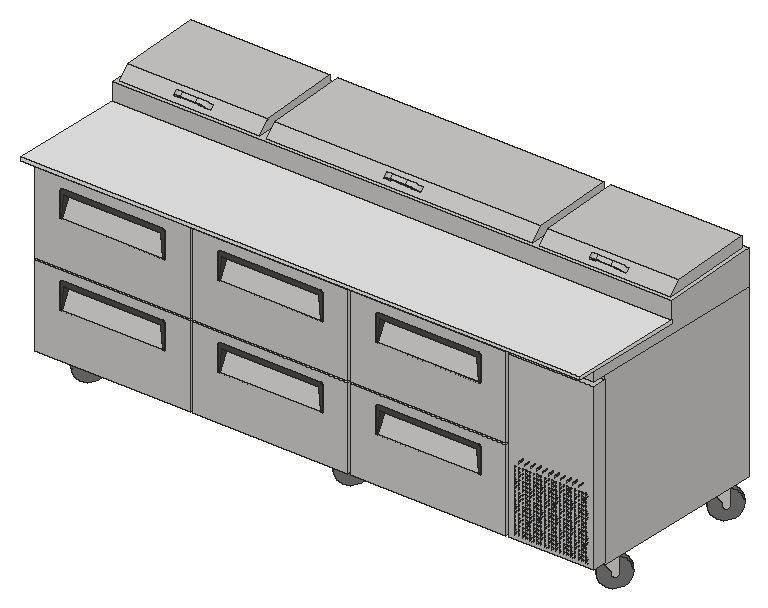
Revit family "QF_Turbo Air_TPR-93SD-D6", category Specialty Equipment, Revit 2012 (continued)
Forms (in)
  Extrusion 17, solid, material "QF_Finishes_Clearances", detail levels coarse
    sketch origin (-20.10094, 0, 0) x (0, 1, 0) y (0, 0, 1)
      loop
        line (-0.43665, 40.16021) -> (0.94312, 41.18404) -> (-6.89696, 51.74983) -> (-9.30056, 52.10578)
        arc (-9.30056, 52.10578) -> (-13.94213, 46.43603) -> (-15.28268, 39.23233) r 14.75
        line (-15.28268, 39.23233) -> (-13.67506, 41.0543) -> (-0.54382, 41.875) -> (-0.43665, 40.16021)
    from 0 to 23.3125
  Extrusion 18, solid, material "QF_Finishes_Stainless Steel"
    sketch origin (4.39906, 0, 0) x (0, 1, 0) y (0, 0, 1)
      loop
        line (-0.43665, 40.16021) -> (-0.54382, 41.875) -> (-13.67506, 41.0543) -> (-15.28268, 39.23233) -> (-0.43665, 40.16021)
    from 0 to 44.4375
  Extrusion 19, solid, material "QF_Finishes_Stainless Steel"
    sketch origin (35.0625, 15.62211, 13.58363) x (1, 0, 0) y (0, -0.749838, 0.661622)
      loop
        line (-6.44469, 40.14331) -> (-5.44469, 40.14331)
        arc (-5.44469, 40.14331) -> (-6.1194, 41.04872) -> (-7.19469, 41.39331) r 1.85
        line (-7.19469, 41.39331) -> (-9.69469, 41.39331)
        arc (-9.69469, 41.39331) -> (-10.76998, 41.04872) -> (-11.44469, 40.14331) r 1.85
        line (-11.44469, 40.14331) -> (-10.44469, 40.14331) -> (-10.44469, 40.64331)
        arc (-10.44469, 40.64331) -> (-10.29824, 40.99687) -> (-9.94469, 41.14331) r 0.5
        line (-9.94469, 41.14331) -> (-6.94469, 41.14331)
        arc (-6.94469, 41.14331) -> (-6.59114, 40.99687) -> (-6.44469, 40.64331) r 0.5
        line (-6.44469, 40.64331) -> (-6.44469, 40.14331)
    from -0.375 to 0.375
  Extrusion 20, solid, material "QF_Finishes_Clearances", detail levels coarse
    sketch origin (-0.96875, -13.97942, 12.21756) x (1, 0, 0) y (0, 0.146492, 0.989212)
      loop
        line (29.58656, 40.14331) -> (30.58656, 40.14331)
        arc (30.58656, 40.14331) -> (29.91185, 41.04872) -> (28.83656, 41.39331) r 1.85
        line (28.83656, 41.39331) -> (26.33656, 41.39331)
        arc (26.33656, 41.39331) -> (25.26127, 41.04872) -> (24.58656, 40.14331) r 1.85
        line (24.58656, 40.14331) -> (25.58656, 40.14331) -> (25.58656, 40.64331)
        arc (25.58656, 40.64331) -> (25.73301, 40.99687) -> (26.08656, 41.14331) r 0.5
        line (26.08656, 41.14331) -> (29.08656, 41.14331)
        arc (29.08656, 41.14331) -> (29.44011, 40.99687) -> (29.58656, 40.64331) r 0.5
        line (29.58656, 40.64331) -> (29.58656, 40.14331)
    from -0.375 to 0.375
  Extrusion 21, solid, material "QF_Finishes_Clearances", detail levels coarse
    sketch origin (4.39906, 0, 0) x (0, 1, 0) y (0, 0, 1)
      loop
        line (-0.43665, 40.16021) -> (0.94312, 41.18404) -> (-6.89696, 51.74983) -> (-9.30056, 52.10578)
        arc (-9.30056, 52.10578) -> (-13.94213, 46.43603) -> (-15.28268, 39.23233) r 14.75
        line (-15.28268, 39.23233) -> (-13.67506, 41.0543) -> (-0.54382, 41.875) -> (-0.43665, 40.16021)
    from 0 to 44.4375
  Extrusion 22, solid, material "QF_Finishes_Black"
    sketch origin (0, -29.875, 0) x (1, 0, 0) y (0, 0, 1)
      loop
        line (6.58656, 32.5625) -> (6.58656, 7.125) -> (30.58656, 7.125) -> (30.58656, 32.5625) -> (6.58656, 32.5625)
    from 0 to 0.5625
Lines and regions (in)
  symbolic lines
    curve 1: line (-20.78844, 0, 0) -> (72.58656, 0, 0)
    curve 2: line (-20.78844, -35.25, 0) -> (-20.78844, 0, 0)
    curve 3: line (72.58656, -35.25, 0) -> (-20.78844, -35.25, 0)
    curve 4: line (72.58656, 0, 0) -> (72.58656, -35.25, 0)
    curve 5: line (-20.78844, -16, 0) -> (72.58656, -16, 0)
    curve 6: line (-20.10094, -0.43665, 0) -> (3.21156, -0.43665, 0)
    curve 7: line (-20.10094, -0.43665, 0) -> (-20.10094, -15.28268, 0)
    curve 8: line (3.21156, -15.28268, 0) -> (-5.92034, -15.28268, 0)
    curve 9: line (3.21156, -15.28268, 0) -> (3.21156, -0.43665, 0)
    curve 10: line (-7.19469, -15.66428, 0) -> (-9.69469, -15.66428, 0)
    curve 11: line (-9.69469, -15.16806, 0) -> (-7.19469, -15.16806, 0)
    curve 12: spline (-9.69469, -15.66428, 0) -> (-9.88559, -15.65687, 0) -> (-10.07446, -15.63473, 0) -> (-10.25927, -15.5981, 0) -> (-10.43805, -15.54736, 0) -> (-10.6089, -15.48306, 0) -> (-10.76998, -15.40589, 0) -> (-10.91958, -15.31666, 0) -> (-11.05611, -15.21633, 0) -> (-11.1781, -15.10598, 0) -> (-11.28425, -14.98677, 0) -> (-11.37343, -14.85999, 0) -> (-11.44469, -14.72698, 0)
    curve 13: spline (-11.44469, -14.23076, 0) -> (-11.37343, -14.36377, 0) -> (-11.28425, -14.49055, 0) -> (-11.1781, -14.60976, 0) -> (-11.05611, -14.72012, 0) -> (-10.91958, -14.82044, 0) -> (-10.76998, -14.90967, 0) -> (-10.6089, -14.98685, 0) -> (-10.43805, -15.05115, 0) -> (-10.25927, -15.10189, 0) -> (-10.07446, -15.13852, 0) -> (-9.88559, -15.16066, 0) -> (-9.69469, -15.16806, 0)
    curve 14: line (-10.44469, -14.23076, 0) -> (-11.44469, -14.23076, 0)
    curve 15: line (-11.44469, -14.23076, 0) -> (-11.44469, -14.72698, 0)
    curve 16: line (-10.44469, -14.60568, 0) -> (-10.44469, -14.23076, 0)
    curve 17: line (-6.94469, -14.9806, 0) -> (-9.94469, -14.9806, 0)
    curve 18: spline (-9.94469, -14.9806, 0) -> (-10.00995, -14.97739, 0) -> (-10.0741, -14.96783, 0) -> (-10.13603, -14.95206, 0) -> (-10.19469, -14.93037, 0) -> (-10.24907, -14.90313, 0) -> (-10.29824, -14.87079, 0) -> (-10.34137, -14.83392, 0) -> (-10.3777, -14.79314, 0) -> (-10.40663, -14.74916, 0) -> (-10.42765, -14.70272, 0) -> (-10.44041, -14.65462, 0) -> (-10.44469, -14.60568, 0)
    curve 19: line (-5.44469, -14.23076, 0) -> (-6.44469, -14.23076, 0)
    curve 20: line (-5.44469, -14.72698, 0) -> (-5.44469, -14.23076, 0)
    curve 21: line (-6.44469, -14.23076, 0) -> (-6.44469, -14.60568, 0)
    curve 22: spline (-6.44469, -14.60568, 0) -> (-6.44897, -14.65462, 0) -> (-6.46173, -14.70272, 0) -> (-6.48275, -14.74916, 0) -> (-6.51168, -14.79314, 0) -> (-6.54801, -14.83392, 0) -> (-6.59114, -14.87079, 0) -> (-6.64031, -14.90313, 0) -> (-6.69469, -14.93037, 0) -> (-6.75335, -14.95206, 0) -> (-6.81528, -14.96783, 0) -> (-6.87943, -14.97739, 0) -> (-6.94469, -14.9806, 0)
    curve 23: spline (-7.19469, -15.16806, 0) -> (-7.00379, -15.16066, 0) -> (-6.81492, -15.13852, 0) -> (-6.63011, -15.10189, 0) -> (-6.45133, -15.05115, 0) -> (-6.28048, -14.98685, 0) -> (-6.1194, -14.90967, 0) -> (-5.9698, -14.82044, 0) -> (-5.83327, -14.72012, 0) -> (-5.71128, -14.60976, 0) -> (-5.60513, -14.49055, 0) -> (-5.51595, -14.36377, 0) -> (-5.44469, -14.23076, 0)
    curve 24: spline (-5.44469, -14.72698, 0) -> (-5.51595, -14.85999, 0) -> (-5.60513, -14.98677, 0) -> (-5.71128, -15.10598, 0) -> (-5.83327, -15.21633, 0) -> (-5.9698, -15.31666, 0) -> (-6.1194, -15.40589, 0) -> (-6.28048, -15.48306, 0) -> (-6.45133, -15.54736, 0) -> (-6.63011, -15.5981, 0) -> (-6.81492, -15.63473, 0) -> (-7.00379, -15.65687, 0) -> (-7.19469, -15.66428, 0)
    curve 25: line (-10.96904, -15.28268, 0) -> (-20.10094, -15.28268, 0)
    curve 26: line (-15.28844, 1, 0) -> (-14.03844, 1, 0)
    curve 27: line (65.83656, 1, 0) -> (67.08656, 1, 0)
    curve 28: line (67.08656, 1, 0) -> (67.08656, 0, 0)
    curve 29: line (65.83656, 1, 0) -> (65.83656, 0, 0)
    curve 30: line (-14.03844, 1, 0) -> (-14.03844, 0, 0)
    curve 31: line (-15.28844, 1, 0) -> (-15.28844, 0, 0)
    curve 48: line (62.21156, -15.66428, 0) -> (59.71156, -15.66428, 0)
    curve 49: line (59.71156, -15.16806, 0) -> (62.21156, -15.16806, 0)
    curve 50: spline (59.71156, -15.66428, 0) -> (59.52066, -15.65687, 0) -> (59.33179, -15.63473, 0) -> (59.14698, -15.5981, 0) -> (58.9682, -15.54736, 0) -> (58.79735, -15.48306, 0) -> (58.63627, -15.40589, 0) -> (58.48667, -15.31666, 0) -> (58.35014, -15.21633, 0) -> (58.22815, -15.10598, 0) -> (58.122, -14.98677, 0) -> (58.03282, -14.85999, 0) -> (57.96156, -14.72698, 0)
    curve 51: spline (57.96156, -14.23076, 0) -> (58.03282, -14.36377, 0) -> (58.122, -14.49055, 0) -> (58.22815, -14.60976, 0) -> (58.35014, -14.72012, 0) -> (58.48667, -14.82044, 0) -> (58.63627, -14.90967, 0) -> (58.79735, -14.98685, 0) -> (58.9682, -15.05115, 0) -> (59.14698, -15.10189, 0) -> (59.33179, -15.13852, 0) -> (59.52066, -15.16066, 0) -> (59.71156, -15.16806, 0)
    curve 52: line (58.96156, -14.23076, 0) -> (57.96156, -14.23076, 0)
    curve 53: line (57.96156, -14.23076, 0) -> (57.96156, -14.72698, 0)
    curve 54: line (58.96156, -14.60568, 0) -> (58.96156, -14.23076, 0)
    curve 55: line (63.96156, -14.23076, 0) -> (62.96156, -14.23076, 0)
    curve 56: line (63.96156, -14.72698, 0) -> (63.96156, -14.23076, 0)
    curve 57: line (62.96156, -14.23076, 0) -> (62.96156, -14.60568, 0)
    curve 58: spline (62.21156, -15.16806, 0) -> (62.40246, -15.16066, 0) -> (62.59133, -15.13852, 0) -> (62.77614, -15.10189, 0) -> (62.95492, -15.05115, 0) -> (63.12577, -14.98685, 0) -> (63.28685, -14.90967, 0) -> (63.43645, -14.82044, 0) -> (63.57298, -14.72012, 0) -> (63.69497, -14.60976, 0) -> (63.80112, -14.49055, 0) -> (63.8903, -14.36377, 0) -> (63.96156, -14.23076, 0)
    curve 59: spline (63.96156, -14.72698, 0) -> (63.8903, -14.85999, 0) -> (63.80112, -14.98677, 0) -> (63.69497, -15.10598, 0) -> (63.57298, -15.21633, 0) -> (63.43645, -15.31666, 0) -> (63.28685, -15.40589, 0) -> (63.12577, -15.48306, 0) -> (62.95492, -15.54736, 0) -> (62.77614, -15.5981, 0) -> (62.59133, -15.63473, 0) -> (62.40246, -15.65687, 0) -> (62.21156, -15.66428, 0)
    curve 63: line (71.89906, -0.43665, 0) -> (50.02406, -0.43665, 0)
    curve 64: line (50.02406, -15.28268, 0) -> (58.43721, -15.28268, 0)
    curve 65: line (50.02406, -0.43665, 0) -> (50.02406, -15.28268, 0)
    curve 66: line (71.89906, -15.28268, 0) -> (71.89906, -0.43665, 0)
    curve 67: line (63.48591, -15.28268, 0) -> (71.89906, -15.28268, 0)
    curve 144: line (27.86781, -15.66428, 0) -> (25.36781, -15.66428, 0)
    curve 145: line (25.36781, -15.16806, 0) -> (27.86781, -15.16806, 0)
    curve 146: spline (25.36781, -15.66428, 0) -> (25.17691, -15.65687, 0) -> (24.98804, -15.63473, 0) -> (24.80323, -15.5981, 0) -> (24.62445, -15.54736, 0) -> (24.4536, -15.48306, 0) -> (24.29252, -15.40589, 0) -> (24.14292, -15.31666, 0) -> (24.00639, -15.21633, 0) -> (23.8844, -15.10598, 0) -> (23.77825, -14.98677, 0) -> (23.68907, -14.85999, 0) -> (23.61781, -14.72698, 0)
    curve 147: spline (23.61781, -14.23076, 0) -> (23.68907, -14.36377, 0) -> (23.77825, -14.49055, 0) -> (23.8844, -14.60976, 0) -> (24.00639, -14.72012, 0) -> (24.14292, -14.82044, 0) -> (24.29252, -14.90967, 0) -> (24.4536, -14.98685, 0) -> (24.62445, -15.05115, 0) -> (24.80323, -15.10189, 0) -> (24.98804, -15.13852, 0) -> (25.17691, -15.16066, 0) -> (25.36781, -15.16806, 0)
    curve 148: line (24.61781, -14.23076, 0) -> (23.61781, -14.23076, 0)
    curve 149: line (23.61781, -14.23076, 0) -> (23.61781, -14.72698, 0)
    curve 150: line (24.61781, -14.60568, 0) -> (24.61781, -14.23076, 0)
    curve 151: line (28.11781, -14.9806, 0) -> (25.11781, -14.9806, 0)
    curve 152: spline (25.11781, -14.9806, 0) -> (25.05255, -14.97739, 0) -> (24.9884, -14.96783, 0) -> (24.92647, -14.95206, 0) -> (24.86781, -14.93037, 0) -> (24.81343, -14.90313, 0) -> (24.76426, -14.87079, 0) -> (24.72113, -14.83392, 0) -> (24.6848, -14.79314, 0) -> (24.65587, -14.74916, 0) -> (24.63485, -14.70272, 0) -> (24.62209, -14.65462, 0) -> (24.61781, -14.60568, 0)
    curve 153: line (29.61781, -14.23076, 0) -> (28.61781, -14.23076, 0)
    curve 154: line (29.61781, -14.72698, 0) -> (29.61781, -14.23076, 0)
    curve 155: line (28.61781, -14.23076, 0) -> (28.61781, -14.60568, 0)
    curve 156: spline (28.61781, -14.60568, 0) -> (28.61353, -14.65462, 0) -> (28.60077, -14.70272, 0) -> (28.57975, -14.74916, 0) -> (28.55082, -14.79314, 0) -> (28.51449, -14.83392, 0) -> (28.47136, -14.87079, 0) -> (28.42219, -14.90313, 0) -> (28.36781, -14.93037, 0) -> (28.30915, -14.95206, 0) -> (28.24722, -14.96783, 0) -> (28.18307, -14.97739, 0) -> (28.11781, -14.9806, 0)
    curve 157: spline (27.86781, -15.16806, 0) -> (28.05871, -15.16066, 0) -> (28.24758, -15.13852, 0) -> (28.43239, -15.10189, 0) -> (28.61117, -15.05115, 0) -> (28.78202, -14.98685, 0) -> (28.9431, -14.90967, 0) -> (29.0927, -14.82044, 0) -> (29.22923, -14.72012, 0) -> (29.35122, -14.60976, 0) -> (29.45737, -14.49055, 0) -> (29.54655, -14.36377, 0) -> (29.61781, -14.23076, 0)
    curve 158: spline (29.61781, -14.72698, 0) -> (29.54655, -14.85999, 0) -> (29.45737, -14.98677, 0) -> (29.35122, -15.10598, 0) -> (29.22923, -15.21633, 0) -> (29.0927, -15.31666, 0) -> (28.9431, -15.40589, 0) -> (28.78202, -15.48306, 0) -> (28.61117, -15.54736, 0) -> (28.43239, -15.5981, 0) -> (28.24758, -15.63473, 0) -> (28.05871, -15.65687, 0) -> (27.86781, -15.66428, 0)
    curve 250: line (4.39906, -0.43665, 0) -> (4.39906, -15.28268, 0)
    curve 251: line (4.39906, -15.28268, 0) -> (24.09346, -15.28268, 0)
    curve 252: line (48.83656, -15.28268, 0) -> (48.83656, -0.43665, 0)
    curve 253: line (48.83656, -0.43665, 0) -> (4.39906, -0.43665, 0)
    curve 254: line (29.14216, -15.28268, 0) -> (48.83656, -15.28268, 0)
  symbolic lines, style "QF_Surface Details"
    curve 32: line (-11.31969, -14.5625, 0) -> (-5.56969, -14.5625, 0)
    curve 33: line (-5.00719, -14, 0) -> (-5.00719, -2.375, 0)
    curve 34: line (-5.56969, -1.8125, 0) -> (-11.31969, -1.8125, 0)
    curve 35: line (-11.88219, -14, 0) -> (-11.88219, -2.375, 0)
    curve 36: arc (-5.56969, -1.8125, 0) -> (-5.17194, -1.97725, 0) -> (-5.00719, -2.375, 0) r 0.5625
    curve 37: arc (-11.31969, -1.8125, 0) -> (-11.71744, -1.97725, 0) -> (-11.88219, -2.375, 0) r 0.5625
    curve 38: arc (-11.88219, -14, 0) -> (-11.71744, -14.39775, 0) -> (-11.31969, -14.5625, 0) r 0.5625
    curve 39: arc (-5.00719, -14, 0) -> (-5.17194, -14.39775, 0) -> (-5.56969, -14.5625, 0) r 0.5625
    curve 40: line (-5.56969, -12.625, 0) -> (-5.56969, -3.75, 0)
    curve 41: line (-6.94469, -2.375, 0) -> (-9.94469, -2.375, 0)
    curve 42: line (-9.94469, -14, 0) -> (-6.94469, -14, 0)
    curve 43: line (-11.31969, -12.625, 0) -> (-11.31969, -3.75, 0)
    curve 44: arc (-9.94469, -2.375, 0) -> (-10.91696, -2.77773, 0) -> (-11.31969, -3.75, 0) r 1.375
    curve 45: arc (-6.94469, -2.375, 0) -> (-5.97242, -2.77773, 0) -> (-5.56969, -3.75, 0) r 1.375
    curve 46: arc (-5.56969, -12.625, 0) -> (-5.97242, -13.59727, 0) -> (-6.94469, -14, 0) r 1.375
    curve 47: arc (-9.94469, -14, 0) -> (-10.91696, -13.59727, 0) -> (-11.31969, -12.625, 0) r 1.375
    curve 68: line (50.64906, -14, 0) -> (50.64906, -2.375, 0)
    curve 69: line (51.21156, -14.5625, 0) -> (56.96156, -14.5625, 0)
    curve 70: line (57.52406, -14, 0) -> (57.52406, -2.375, 0)
    curve 71: line (56.96156, -1.8125, 0) -> (51.21156, -1.8125, 0)
    curve 72: arc (56.96156, -1.8125, 0) -> (57.35931, -1.97725, 0) -> (57.52406, -2.375, 0) r 0.5625
    curve 73: arc (51.21156, -1.8125, 0) -> (50.81381, -1.97725, 0) -> (50.64906, -2.375, 0) r 0.5625
    curve 74: arc (57.52406, -14, 0) -> (57.35931, -14.39775, 0) -> (56.96156, -14.5625, 0) r 0.5625
    curve 75: line (56.96156, -12.625, 0) -> (56.96156, -3.75, 0)
    curve 76: line (55.58656, -2.375, 0) -> (52.58656, -2.375, 0)
    curve 77: line (52.58656, -14, 0) -> (55.58656, -14, 0)
    curve 78: line (51.21156, -12.625, 0) -> (51.21156, -3.75, 0)
    curve 79: arc (52.58656, -2.375, 0) -> (51.61429, -2.77773, 0) -> (51.21156, -3.75, 0) r 1.375
    curve 80: arc (55.58656, -2.375, 0) -> (56.55883, -2.77773, 0) -> (56.96156, -3.75, 0) r 1.375
    curve 81: arc (56.96156, -12.625, 0) -> (56.55883, -13.59727, 0) -> (55.58656, -14, 0) r 1.375
    curve 82: arc (52.58656, -14, 0) -> (51.61429, -13.59727, 0) -> (51.21156, -12.625, 0) r 1.375
    curve 83: arc (50.64906, -14, 0) -> (50.81381, -14.39775, 0) -> (51.21156, -14.5625, 0) r 0.5625
    curve 84: line (58.08656, -14.5625, 0) -> (63.83656, -14.5625, 0)
    curve 85: line (64.39906, -14, 0) -> (64.39906, -2.375, 0)
    curve 86: line (63.83656, -1.8125, 0) -> (58.08656, -1.8125, 0)
    curve 87: arc (63.83656, -1.8125, 0) -> (64.23431, -1.97725, 0) -> (64.39906, -2.375, 0) r 0.5625
    curve 88: arc (58.08656, -1.8125, 0) -> (57.68881, -1.97725, 0) -> (57.52406, -2.375, 0) r 0.5625
    curve 89: arc (64.39906, -14, 0) -> (64.23431, -14.39775, 0) -> (63.83656, -14.5625, 0) r 0.5625
    curve 90: line (63.83656, -12.625, 0) -> (63.83656, -3.75, 0)
    curve 91: line (62.46156, -2.375, 0) -> (59.46156, -2.375, 0)
    curve 92: line (59.46156, -14, 0) -> (62.46156, -14, 0)
    curve 93: line (58.08656, -12.625, 0) -> (58.08656, -3.75, 0)
    curve 94: arc (59.46156, -2.375, 0) -> (58.48929, -2.77773, 0) -> (58.08656, -3.75, 0) r 1.375
    curve 95: arc (62.46156, -2.375, 0) -> (63.43383, -2.77773, 0) -> (63.83656, -3.75, 0) r 1.375
    curve 96: arc (63.83656, -12.625, 0) -> (63.43383, -13.59727, 0) -> (62.46156, -14, 0) r 1.375
    curve 97: arc (59.46156, -14, 0) -> (58.48929, -13.59727, 0) -> (58.08656, -12.625, 0) r 1.375
    curve 98: arc (57.52406, -14, 0) -> (57.68881, -14.39775, 0) -> (58.08656, -14.5625, 0) r 0.5625
    curve 99: line (64.96156, -14.5625, 0) -> (70.71156, -14.5625, 0)
    curve 100: line (71.27406, -14, 0) -> (71.27406, -2.375, 0)
    curve 101: line (70.71156, -1.8125, 0) -> (64.96156, -1.8125, 0)
    curve 102: arc (70.71156, -1.8125, 0) -> (71.10931, -1.97725, 0) -> (71.27406, -2.375, 0) r 0.5625
    curve 103: arc (64.96156, -1.8125, 0) -> (64.56381, -1.97725, 0) -> (64.39906, -2.375, 0) r 0.5625
    curve 104: arc (71.27406, -14, 0) -> (71.10931, -14.39775, 0) -> (70.71156, -14.5625, 0) r 0.5625
    curve 105: line (70.71156, -12.625, 0) -> (70.71156, -3.75, 0)
    curve 106: line (69.33656, -2.375, 0) -> (66.33656, -2.375, 0)
    curve 107: line (66.33656, -14, 0) -> (69.33656, -14, 0)
    curve 108: line (64.96156, -12.625, 0) -> (64.96156, -3.75, 0)
    curve 109: arc (66.33656, -2.375, 0) -> (65.36429, -2.77773, 0) -> (64.96156, -3.75, 0) r 1.375
    curve 110: arc (69.33656, -2.375, 0) -> (70.30883, -2.77773, 0) -> (70.71156, -3.75, 0) r 1.375
    curve 111: arc (70.71156, -12.625, 0) -> (70.30883, -13.59727, 0) -> (69.33656, -14, 0) r 1.375
    curve 112: arc (66.33656, -14, 0) -> (65.36429, -13.59727, 0) -> (64.96156, -12.625, 0) r 1.375
    curve 113: arc (64.39906, -14, 0) -> (64.56381, -14.39775, 0) -> (64.96156, -14.5625, 0) r 0.5625
    curve 114: line (-18.19469, -14.5625, 0) -> (-12.44469, -14.5625, 0)
    curve 115: line (-12.44469, -1.8125, 0) -> (-18.19469, -1.8125, 0)
    curve 116: line (-18.75719, -14, 0) -> (-18.75719, -2.375, 0)
    curve 117: arc (-12.44469, -1.8125, 0) -> (-12.04694, -1.97725, 0) -> (-11.88219, -2.375, 0) r 0.5625
    curve 118: arc (-18.19469, -1.8125, 0) -> (-18.59244, -1.97725, 0) -> (-18.75719, -2.375, 0) r 0.5625
    curve 119: arc (-18.75719, -14, 0) -> (-18.59244, -14.39775, 0) -> (-18.19469, -14.5625, 0) r 0.5625
    curve 120: arc (-11.88219, -14, 0) -> (-12.04694, -14.39775, 0) -> (-12.44469, -14.5625, 0) r 0.5625
    curve 121: line (-12.44469, -12.625, 0) -> (-12.44469, -3.75, 0)
    curve 122: line (-13.81969, -2.375, 0) -> (-16.81969, -2.375, 0)
    curve 123: line (-16.81969, -14, 0) -> (-13.81969, -14, 0)
    curve 124: line (-18.19469, -12.625, 0) -> (-18.19469, -3.75, 0)
    curve 125: arc (-16.81969, -2.375, 0) -> (-17.79196, -2.77773, 0) -> (-18.19469, -3.75, 0) r 1.375
    curve 126: arc (-13.81969, -2.375, 0) -> (-12.84742, -2.77773, 0) -> (-12.44469, -3.75, 0) r 1.375
    curve 127: arc (-12.44469, -12.625, 0) -> (-12.84742, -13.59727, 0) -> (-13.81969, -14, 0) r 1.375
    curve 128: arc (-16.81969, -14, 0) -> (-17.79196, -13.59727, 0) -> (-18.19469, -12.625, 0) r 1.375
    curve 129: line (1.30531, -14.5625, 0) -> (-4.44469, -14.5625, 0)
    curve 130: line (-4.44469, -1.8125, 0) -> (1.30531, -1.8125, 0)
    curve 131: line (1.86781, -14, 0) -> (1.86781, -2.375, 0)
    curve 132: arc (-4.44469, -1.8125, 0) -> (-4.84244, -1.97725, 0) -> (-5.00719, -2.375, 0) r 0.5625
    curve 133: arc (1.30531, -1.8125, 0) -> (1.70306, -1.97725, 0) -> (1.86781, -2.375, 0) r 0.5625
    curve 134: arc (1.86781, -14, 0) -> (1.70306, -14.39775, 0) -> (1.30531, -14.5625, 0) r 0.5625
    curve 135: arc (-5.00719, -14, 0) -> (-4.84244, -14.39775, 0) -> (-4.44469, -14.5625, 0) r 0.5625
    curve 136: line (-4.44469, -12.625, 0) -> (-4.44469, -3.75, 0)
    curve 137: line (-3.06969, -2.375, 0) -> (-0.06969, -2.375, 0)
    curve 138: line (-0.06969, -14, 0) -> (-3.06969, -14, 0)
    curve 139: line (1.30531, -12.625, 0) -> (1.30531, -3.75, 0)
    curve 140: arc (-0.06969, -2.375, 0) -> (0.90258, -2.77773, 0) -> (1.30531, -3.75, 0) r 1.375
    curve 141: arc (-3.06969, -2.375, 0) -> (-4.04196, -2.77773, 0) -> (-4.44469, -3.75, 0) r 1.375
    curve 142: arc (-4.44469, -12.625, 0) -> (-4.04196, -13.59727, 0) -> (-3.06969, -14, 0) r 1.375
    curve 143: arc (-0.06969, -14, 0) -> (0.90258, -13.59727, 0) -> (1.30531, -12.625, 0) r 1.375
    curve 159: line (20.30531, -14.5625, 0) -> (26.05531, -14.5625, 0)
    curve 160: line (26.61781, -14, 0) -> (26.61781, -2.375, 0)
    curve 161: line (26.05531, -1.8125, 0) -> (20.30531, -1.8125, 0)
    curve 162: line (19.74281, -14, 0) -> (19.74281, -2.375, 0)
    curve 163: arc (26.05531, -1.8125, 0) -> (26.45306, -1.97725, 0) -> (26.61781, -2.375, 0) r 0.5625
    curve 164: arc (20.30531, -1.8125, 0) -> (19.90756, -1.97725, 0) -> (19.74281, -2.375, 0) r 0.5625
    curve 165: arc (19.74281, -14, 0) -> (19.90756, -14.39775, 0) -> (20.30531, -14.5625, 0) r 0.5625
    curve 166: arc (26.61781, -14, 0) -> (26.45306, -14.39775, 0) -> (26.05531, -14.5625, 0) r 0.5625
    curve 167: line (26.05531, -12.625, 0) -> (26.05531, -3.75, 0)
    curve 168: line (24.68031, -2.375, 0) -> (21.68031, -2.375, 0)
    curve 169: line (21.68031, -14, 0) -> (24.68031, -14, 0)
    curve 170: line (20.30531, -12.625, 0) -> (20.30531, -3.75, 0)
    curve 171: arc (21.68031, -2.375, 0) -> (20.70804, -2.77773, 0) -> (20.30531, -3.75, 0) r 1.375
    curve 172: arc (24.68031, -2.375, 0) -> (25.65258, -2.77773, 0) -> (26.05531, -3.75, 0) r 1.375
    curve 173: arc (26.05531, -12.625, 0) -> (25.65258, -13.59727, 0) -> (24.68031, -14, 0) r 1.375
    curve 174: arc (21.68031, -14, 0) -> (20.70804, -13.59727, 0) -> (20.30531, -12.625, 0) r 1.375
    curve 175: line (13.43031, -14.5625, 0) -> (19.18031, -14.5625, 0)
    curve 176: line (19.18031, -1.8125, 0) -> (13.43031, -1.8125, 0)
    curve 177: line (12.86781, -14, 0) -> (12.86781, -2.375, 0)
    curve 178: arc (19.18031, -1.8125, 0) -> (19.57806, -1.97725, 0) -> (19.74281, -2.375, 0) r 0.5625
    curve 179: arc (13.43031, -1.8125, 0) -> (13.03256, -1.97725, 0) -> (12.86781, -2.375, 0) r 0.5625
    curve 180: arc (12.86781, -14, 0) -> (13.03256, -14.39775, 0) -> (13.43031, -14.5625, 0) r 0.5625
    curve 181: arc (19.74281, -14, 0) -> (19.57806, -14.39775, 0) -> (19.18031, -14.5625, 0) r 0.5625
    curve 182: line (19.18031, -12.625, 0) -> (19.18031, -3.75, 0)
    curve 183: line (17.80531, -2.375, 0) -> (14.80531, -2.375, 0)
    curve 184: line (14.80531, -14, 0) -> (17.80531, -14, 0)
    curve 185: line (13.43031, -12.625, 0) -> (13.43031, -3.75, 0)
    curve 186: arc (14.80531, -2.375, 0) -> (13.83304, -2.77773, 0) -> (13.43031, -3.75, 0) r 1.375
    curve 187: arc (17.80531, -2.375, 0) -> (18.77758, -2.77773, 0) -> (19.18031, -3.75, 0) r 1.375
    curve 188: arc (19.18031, -12.625, 0) -> (18.77758, -13.59727, 0) -> (17.80531, -14, 0) r 1.375
    curve 189: arc (14.80531, -14, 0) -> (13.83304, -13.59727, 0) -> (13.43031, -12.625, 0) r 1.375
    curve 190: line (32.93031, -14.5625, 0) -> (27.18031, -14.5625, 0)
    curve 191: line (27.18031, -1.8125, 0) -> (32.93031, -1.8125, 0)
    curve 192: line (33.49281, -14, 0) -> (33.49281, -2.375, 0)
    curve 193: arc (27.18031, -1.8125, 0) -> (26.78256, -1.97725, 0) -> (26.61781, -2.375, 0) r 0.5625
    curve 194: arc (32.93031, -1.8125, 0) -> (33.32806, -1.97725, 0) -> (33.49281, -2.375, 0) r 0.5625
    curve 195: arc (33.49281, -14, 0) -> (33.32806, -14.39775, 0) -> (32.93031, -14.5625, 0) r 0.5625
    curve 196: arc (26.61781, -14, 0) -> (26.78256, -14.39775, 0) -> (27.18031, -14.5625, 0) r 0.5625
    curve 197: line (27.18031, -12.625, 0) -> (27.18031, -3.75, 0)
    curve 198: line (28.55531, -2.375, 0) -> (31.55531, -2.375, 0)
    curve 199: line (31.55531, -14, 0) -> (28.55531, -14, 0)
    curve 200: line (32.93031, -12.625, 0) -> (32.93031, -3.75, 0)
    curve 201: arc (31.55531, -2.375, 0) -> (32.52758, -2.77773, 0) -> (32.93031, -3.75, 0) r 1.375
    curve 202: arc (28.55531, -2.375, 0) -> (27.58304, -2.77773, 0) -> (27.18031, -3.75, 0) r 1.375
    curve 203: arc (27.18031, -12.625, 0) -> (27.58304, -13.59727, 0) -> (28.55531, -14, 0) r 1.375
    curve 204: arc (31.55531, -14, 0) -> (32.52758, -13.59727, 0) -> (32.93031, -12.625, 0) r 1.375
    curve 205: line (6.55531, -14.5625, 0) -> (12.30531, -14.5625, 0)
    curve 206: line (12.30531, -1.8125, 0) -> (6.55531, -1.8125, 0)
    curve 207: line (5.99281, -14, 0) -> (5.99281, -2.375, 0)
    curve 208: arc (12.30531, -1.8125, 0) -> (12.70306, -1.97725, 0) -> (12.86781, -2.375, 0) r 0.5625
    curve 209: arc (6.55531, -1.8125, 0) -> (6.15756, -1.97725, 0) -> (5.99281, -2.375, 0) r 0.5625
    curve 210: arc (5.99281, -14, 0) -> (6.15756, -14.39775, 0) -> (6.55531, -14.5625, 0) r 0.5625
    curve 211: arc (12.86781, -14, 0) -> (12.70306, -14.39775, 0) -> (12.30531, -14.5625, 0) r 0.5625
    curve 212: line (12.30531, -12.625, 0) -> (12.30531, -3.75, 0)
    curve 213: line (10.93031, -2.375, 0) -> (7.93031, -2.375, 0)
    curve 214: line (7.93031, -14, 0) -> (10.93031, -14, 0)
    curve 215: line (6.55531, -12.625, 0) -> (6.55531, -3.75, 0)
    curve 216: arc (7.93031, -2.375, 0) -> (6.95804, -2.77773, 0) -> (6.55531, -3.75, 0) r 1.375
    curve 217: arc (10.93031, -2.375, 0) -> (11.90258, -2.77773, 0) -> (12.30531, -3.75, 0) r 1.375
    curve 218: arc (12.30531, -12.625, 0) -> (11.90258, -13.59727, 0) -> (10.93031, -14, 0) r 1.375
    curve 219: arc (7.93031, -14, 0) -> (6.95804, -13.59727, 0) -> (6.55531, -12.625, 0) r 1.375
    curve 220: line (39.80531, -14.5625, 0) -> (34.05531, -14.5625, 0)
    curve 221: line (34.05531, -1.8125, 0) -> (39.80531, -1.8125, 0)
    curve 222: line (40.36781, -14, 0) -> (40.36781, -2.375, 0)
    curve 223: arc (34.05531, -1.8125, 0) -> (33.65756, -1.97725, 0) -> (33.49281, -2.375, 0) r 0.5625
    curve 224: arc (39.80531, -1.8125, 0) -> (40.20306, -1.97725, 0) -> (40.36781, -2.375, 0) r 0.5625
    curve 225: arc (40.36781, -14, 0) -> (40.20306, -14.39775, 0) -> (39.80531, -14.5625, 0) r 0.5625
    curve 226: arc (33.49281, -14, 0) -> (33.65756, -14.39775, 0) -> (34.05531, -14.5625, 0) r 0.5625
    curve 227: line (34.05531, -12.625, 0) -> (34.05531, -3.75, 0)
    curve 228: line (35.43031, -2.375, 0) -> (38.43031, -2.375, 0)
    curve 229: line (38.43031, -14, 0) -> (35.43031, -14, 0)
    curve 230: line (39.80531, -12.625, 0) -> (39.80531, -3.75, 0)
    curve 231: arc (38.43031, -2.375, 0) -> (39.40258, -2.77773, 0) -> (39.80531, -3.75, 0) r 1.375
    curve 232: arc (35.43031, -2.375, 0) -> (34.45804, -2.77773, 0) -> (34.05531, -3.75, 0) r 1.375
    curve 233: arc (34.05531, -12.625, 0) -> (34.45804, -13.59727, 0) -> (35.43031, -14, 0) r 1.375
    curve 234: arc (38.43031, -14, 0) -> (39.40258, -13.59727, 0) -> (39.80531, -12.625, 0) r 1.375
    curve 235: line (46.68031, -14.5625, 0) -> (40.93031, -14.5625, 0)
    curve 236: line (40.93031, -1.8125, 0) -> (46.68031, -1.8125, 0)
    curve 237: line (47.24281, -14, 0) -> (47.24281, -2.375, 0)
    curve 238: arc (40.93031, -1.8125, 0) -> (40.53256, -1.97725, 0) -> (40.36781, -2.375, 0) r 0.5625
    curve 239: arc (46.68031, -1.8125, 0) -> (47.07806, -1.97725, 0) -> (47.24281, -2.375, 0) r 0.5625
    curve 240: arc (47.24281, -14, 0) -> (47.07806, -14.39775, 0) -> (46.68031, -14.5625, 0) r 0.5625
    curve 241: arc (40.36781, -14, 0) -> (40.53256, -14.39775, 0) -> (40.93031, -14.5625, 0) r 0.5625
    curve 242: line (40.93031, -12.625, 0) -> (40.93031, -3.75, 0)
    curve 243: line (42.30531, -2.375, 0) -> (45.30531, -2.375, 0)
    curve 244: line (45.30531, -14, 0) -> (42.30531, -14, 0)
    curve 245: line (46.68031, -12.625, 0) -> (46.68031, -3.75, 0)
    curve 246: arc (45.30531, -2.375, 0) -> (46.27758, -2.77773, 0) -> (46.68031, -3.75, 0) r 1.375
    curve 247: arc (42.30531, -2.375, 0) -> (41.33304, -2.77773, 0) -> (40.93031, -3.75, 0) r 1.375
    curve 248: arc (40.93031, -12.625, 0) -> (41.33304, -13.59727, 0) -> (42.30531, -14, 0) r 1.375
    curve 249: arc (45.30531, -14, 0) -> (46.27758, -13.59727, 0) -> (46.68031, -12.625, 0) r 1.375
  symbolic lines, style "SpecialityEquipment"
    curve 60: spline (59.46156, -14.9806, 0) -> (59.3963, -14.97739, 0) -> (59.33215, -14.96783, 0) -> (59.27022, -14.95206, 0) -> (59.21156, -14.93037, 0) -> (59.15718, -14.90313, 0) -> (59.10801, -14.87079, 0) -> (59.06488, -14.83392, 0) -> (59.02855, -14.79314, 0) -> (58.99962, -14.74916, 0) -> (58.9786, -14.70272, 0) -> (58.96584, -14.65462, 0) -> (58.96156, -14.60568, 0)
    curve 61: line (62.46156, -14.9806, 0) -> (59.46156, -14.9806, 0)
    curve 62: spline (62.96156, -14.60568, 0) -> (62.95728, -14.65462, 0) -> (62.94452, -14.70272, 0) -> (62.9235, -14.74916, 0) -> (62.89457, -14.79314, 0) -> (62.85824, -14.83392, 0) -> (62.81511, -14.87079, 0) -> (62.76594, -14.90313, 0) -> (62.71156, -14.93037, 0) -> (62.6529, -14.95206, 0) -> (62.59097, -14.96783, 0) -> (62.52682, -14.97739, 0) -> (62.46156, -14.9806, 0)
  symbolic lines, style "QF_Clearances", detail levels coarse
    curve 255: line (-20.78844, -35.25, 0) -> (-20.78844, -57.375, 0)
    curve 256: line (-20.78844, -57.375, 0) -> (5.21156, -57.375, 0)
    curve 257: line (5.21156, -57.375, 0) -> (5.21156, -35.25, 0)
    curve 258: line (5.58656, -35.25, 0) -> (5.58656, -57.375, 0)
    curve 259: line (5.58656, -57.375, 0) -> (31.58656, -57.375, 0)
    curve 260: line (31.58656, -57.375, 0) -> (31.58656, -35.25, 0)
    curve 261: line (31.96156, -35.25, 0) -> (31.96156, -57.375, 0)
    curve 262: line (31.96156, -57.375, 0) -> (57.96156, -57.375, 0)
    curve 263: line (57.96156, -57.375, 0) -> (57.96156, -35.25, 0)
Dimensions and locks (in)
  plane 4 "RIGHT" to plane 3 "LEFT" = 7' - 9 3/8"
  locked: plane 6 "FRONT" to plane 1 "BACK" at 35.25
  locked: plane 6 "FRONT" to plane 5 "Front of Door" at 3
  locked: plane 7 "Front of Pans" to plane 1 "BACK" at 16
  locked: plane 8 "Left of Compressor" to plane 4 "RIGHT" at 14.125
  plane 3 "LEFT" to plane 9 "Right of Left Door" = 2' - 2"
  "CasterLeg Height": plane 10 "Bottom" to plane 2
  locked: plane 12 "Door Clearance" to plane 11 "TOP" at 11.375
  locked: plane 11 "TOP" to plane 10 "Bottom" at 36
  locked: plane 13 "Work Top" to plane 10 "Bottom" at 30
  locked: plane 13 "Work Top" to plane 14 at 1.5625
  locked: plane 14 to plane 15 "Top of Door" at 0.75
  locked: plane 16 "Bottom of Door" to plane 10 "Bottom" at 0.25
  locked: plane 1 "BACK" to plane 17 "Back Stops" at 1
  locked: plane 5 "Front of Door" to plane 18 "Front of Box" at 2.375
  locked: Extrusion 2 sketch curve to plane 13 "Work Top" at 3.3125
  locked: Extrusion 2 sketch curve to plane 14 at 5.875
  locked: plane 3 "LEFT" to plane 19 "Left of Left Lid" at 0.6875
  locked: plane 11 "TOP" to Extrusion 3 sketch curve at 1.71479
  locked: plane 11 "TOP" to Extrusion 3 sketch curve at 0.8207
  locked: plane 11 "TOP" to Extrusion 3 sketch curve at 2.64267
  locked: plane 7 "Front of Pans" to Extrusion 3 sketch curve at 0.71732
  locked: plane 7 "Front of Pans" to Extrusion 3 sketch curve at 2.32494
  locked: Extrusion 3 sketch curve to plane 1 "BACK" at 0.43665
  locked: Extrusion 3 sketch curve to plane 1 "BACK" at 0.54382
  locked: plane 11 "TOP" to plane 22 "Handle Elevation" at 1.73169
  locked: plane 23 "Handle Center FB" to plane 1 "BACK" at 14.47887
  locked: plane 21 "Handle Center of Left Lid" to Extrusion 4 sketch curve at 2
  locked: Extrusion 4 sketch curve to plane 21 "Handle Center of Left Lid" at 2
  locked: plane 21 "Handle Center of Left Lid" to Extrusion 4 sketch curve at 3
  locked: Extrusion 4 sketch curve to plane 21 "Handle Center of Left Lid" at 3
  locked: plane 21 "Handle Center of Left Lid" to Extrusion 4 sketch curve at 1.5
  locked: plane 21 "Handle Center of Left Lid" to Extrusion 4 sketch curve at 1.25
  locked: Extrusion 4 sketch curve to plane 21 "Handle Center of Left Lid" at 1.5
  locked: Extrusion 4 sketch curve to plane 21 "Handle Center of Left Lid" at 1.25
  locked: plane 11 "TOP" to Extrusion 4 at 0.62347
  locked: plane 11 "TOP" to Extrusion 4 at 1.18585
  locked: plane 15 "Top of Door" to Extrusion 5 sketch curve at 1
  locked: Extrusion 5 sketch curve to plane 3 "LEFT" at 1
  locked: Extrusion 5 sketch curve to plane 9 "Right of Left Door" at 1
  locked: Extrusion 5 sketch curve to plane 16 "Bottom of Door" at 1
  locked: Extrusion 7 sketch curve to plane 8 "Left of Compressor" at 0.5
  locked: Extrusion 7 sketch curve to plane 4 "RIGHT" at 0.5
  locked: Extrusion 7 sketch curve to plane 16 "Bottom of Door" at 0.5
  locked: Extrusion 7 sketch curve to Extrusion 7 sketch curve at 12.5
  locked: Extrusion 8 sketch curve to plane 13 "Work Top" at 0.5
  locked: plane 3 "LEFT" to nested 1 at 2.8125
  locked: nested 1 to plane 1 "BACK" at 3.1875
  locked: plane 3 "LEFT" to nested 2 at 2.8125
  locked: plane 18 "Front of Box" to nested 2 at 3.5
  locked: nested 3 to plane 4 "RIGHT" at 2.8125
  locked: nested 3 to plane 1 "BACK" at 3.1875
  locked: nested 4 to plane 4 "RIGHT" at 2.8125
  locked: plane 18 "Front of Box" to nested 4 at 3.5
  locked: Extrusion 9 sketch curve to plane 3 "LEFT" at 6.125
  locked: plane 4 "RIGHT" to Extrusion 9 sketch curve at 6.125
  locked: plane 14 to Extrusion 9 sketch curve at 4.8125  (x2)
  locked: Extrusion 10 sketch curve to plane 10 "Bottom" at 6.125
  locked: plane 4 "RIGHT" to Extrusion 10 sketch curve at 7.0625
  locked: plane 25 "Left of Right Door" to plane 24 "Right of Right Door" at 26
  locked: plane 24 "Right of Right Door" to plane 8 "Left of Compressor" at 0.5
  locked: Extrusion 11 sketch curve to plane 25 "Left of Right Door" at 1
  locked: plane 15 "Top of Door" to Extrusion 11 sketch curve at 1
  locked: Extrusion 11 sketch curve to plane 16 "Bottom of Door" at 1
  locked: Extrusion 11 sketch curve to plane 24 "Right of Right Door" at 1
  locked: plane 27 "Left of Right Lid" to plane 20 "Right of Right Lid" at 21.875
  plane 19 "Left of Left Lid" to plane 26 "Right of Left Lid" = 1' - 11 5/16"
  equal spacing: plane 19 "Left of Left Lid", plane 21 "Handle Center of Left Lid", plane 26 "Right of Left Lid"
  locked: plane 20 "Right of Right Lid" to plane 4 "RIGHT" at 0.6875
  locked: plane 28 "Handle Center Right Lid" to Extrusion 12 sketch curve at 2
  locked: Extrusion 12 sketch curve to plane 28 "Handle Center Right Lid" at 2
  locked: plane 28 "Handle Center Right Lid" to Extrusion 12 sketch curve at 3
  locked: Extrusion 12 sketch curve to plane 28 "Handle Center Right Lid" at 3
  locked: plane 28 "Handle Center Right Lid" to Extrusion 12 sketch curve at 1.5
  locked: plane 28 "Handle Center Right Lid" to Extrusion 12 sketch curve at 1.25
  locked: Extrusion 12 sketch curve to plane 28 "Handle Center Right Lid" at 1.5
  locked: Extrusion 12 sketch curve to plane 28 "Handle Center Right Lid" at 1.25
  equal spacing: plane 27 "Left of Right Lid", plane 28 "Handle Center Right Lid", plane 20 "Right of Right Lid"
  locked: plane 11 "TOP" to Extrusion 12 at 1.18585
  locked: plane 11 "TOP" to Extrusion 12 at 0.62347
  locked: plane 12 "Door Clearance" to Extrusion 13 at 0.03074
  locked: plane 12 "Door Clearance" to Extrusion 13 at 0.14061
  locked: plane 26 "Right of Left Lid" to plane 29 "Left of Middle Lid" at 1.1875
  locked: plane 30 "Right of Middle Lid" to plane 27 "Left of Right Lid" at 1.1875
  equal spacing: plane 29 "Left of Middle Lid", plane 31 "Handle Center Middle Lid", plane 30 "Right of Middle Lid"
  locked: plane 12 "Door Clearance" to Extrusion 16 at 0.14061
  locked: plane 12 "Door Clearance" to Extrusion 16 at 0.03074
  locked: plane 11 "TOP" to Extrusion 19 at 0.62347
  locked: plane 11 "TOP" to Extrusion 19 at 1.18585
  locked: plane 12 "Door Clearance" to Extrusion 20 at 0.14061
  locked: plane 12 "Door Clearance" to Extrusion 20 at 0.03074
  locked: plane 32 "Left of Middle Door" to plane 33 "Right of Middle Door" at 26
  locked: plane 9 "Right of Left Door" to plane 32 "Left of Middle Door" at 0.375
  locked: plane 15 "Top of Door" to Extrusion 22 sketch curve at 1
  locked: Extrusion 22 sketch curve to plane 32 "Left of Middle Door" at 1
  locked: Extrusion 22 sketch curve to plane 33 "Right of Middle Door" at 1
  locked: Extrusion 22 sketch curve to plane 16 "Bottom of Door" at 1
  locked: nested 5 to plane 1 "BACK" at 3.1875
  locked: plane 18 "Front of Box" to nested 6 at 3.5
  equal spacing: plane 3 "LEFT", nested 5, plane 4 "RIGHT"
  equal spacing: plane 3 "LEFT", nested 6, plane 4 "RIGHT"
  locked: plane 34 "Front of Drawer Clearance" to plane 1 "BACK" at 57.375
  aligned and locked: level to plane 2
  aligned and locked: plane 10 "Bottom" to Extrusion 1 sketch curve
  aligned and locked: plane 1 "BACK" to Extrusion 1 sketch curve
  aligned and locked: Extrusion 1 sketch curve to plane 14
  aligned and locked: Extrusion 1 sketch curve to plane 18 "Front of Box"
  aligned and locked: plane 4 "RIGHT" to Extrusion 1
  aligned and locked: Extrusion 2 sketch curve to plane 5 "Front of Door"
  aligned and locked: Extrusion 2 sketch curve to plane 13 "Work Top"
  aligned and locked: Extrusion 2 sketch curve to plane 7 "Front of Pans"
  aligned and locked: plane 14 to Extrusion 2 sketch curve
  aligned and locked: Extrusion 2 sketch curve to plane 1 "BACK"
  aligned and locked: plane 4 "RIGHT" to Extrusion 2
  aligned and locked: plane 11 "TOP" to Extrusion 3 sketch curve
  aligned and locked: Extrusion 4 to Extrusion 3
  aligned and locked: Extrusion 6 sketch curve to plane 4 "RIGHT"
  aligned and locked: plane 16 "Bottom of Door" to Extrusion 6 sketch curve
  aligned and locked: plane 8 "Left of Compressor" to Extrusion 6 sketch curve
  aligned and locked: Extrusion 6 sketch curve to plane 15 "Top of Door"
  aligned and locked: plane 5 "Front of Door" to Extrusion 6
  aligned and locked: plane 13 "Work Top" to Extrusion 8 sketch curve
  aligned and locked: plane 7 "Front of Pans" to Extrusion 8 sketch curve
  aligned and locked: Extrusion 8 sketch curve to plane 6 "FRONT"
  aligned and locked: plane 4 "RIGHT" to Extrusion 8
  aligned and locked: Extrusion 9 to plane 17 "Back Stops"
  aligned and locked: plane 1 "BACK" to curve 1
  aligned and locked: plane 3 "LEFT" to curve 2
  aligned and locked: curve 3 to plane 6 "FRONT"
  aligned and locked: curve 4 to plane 4 "RIGHT"
  aligned and locked: curve 6 to Extrusion 3
  aligned and locked: curve 7 to Extrusion 3
  aligned and locked: curve 8 to Extrusion 3
  aligned and locked: curve 9 to Extrusion 3
  aligned and locked: curve 10 to Extrusion 4
  aligned and locked: curve 11 to Extrusion 4
  aligned and locked: curve 14 to Extrusion 4
  aligned and locked: curve 15 to Extrusion 4
  aligned and locked: Extrusion 4 to curve 16
  aligned and locked: curve 17 to Extrusion 4
  aligned and locked: curve 19 to Extrusion 4
  aligned and locked: curve 20 to Extrusion 4
  aligned and locked: curve 21 to Extrusion 4
  aligned and locked: curve 26 to Extrusion 9
  aligned and locked: curve 27 to Extrusion 9
  aligned and locked: curve 48 to Extrusion 12
  aligned and locked: curve 49 to Extrusion 12
  aligned and locked: curve 52 to Extrusion 12
  aligned and locked: curve 53 to Extrusion 12
  aligned and locked: Extrusion 12 to curve 54
  aligned and locked: curve 55 to Extrusion 12
  aligned and locked: curve 56 to Extrusion 12
  aligned and locked: curve 57 to Extrusion 12
  aligned and locked: plane 26 "Right of Left Lid" to Extrusion 3
  aligned and locked: Extrusion 15 sketch curve to Extrusion 14  (x3)
  aligned and locked: plane 20 "Right of Right Lid" to Extrusion 15
  aligned and locked: plane 20 "Right of Right Lid" to Extrusion 14
  aligned and locked: curve 61 to Extrusion 12
  aligned and locked: curve 63 to Extrusion 15
  aligned and locked: curve 64 to Extrusion 15
  aligned and locked: curve 65 to Extrusion 14
  aligned and locked: curve 66 to Extrusion 14
  aligned and locked: Extrusion 13 to Extrusion 15
  aligned and locked: Extrusion 15 to Extrusion 12
  aligned and locked: Extrusion 16 to Extrusion 17  (x2)
  aligned and locked: plane 26 "Right of Left Lid" to Extrusion 17
  aligned and locked: Extrusion 19 to Extrusion 18
  aligned and locked: curve 144 to Extrusion 19
  aligned and locked: curve 145 to Extrusion 19
  aligned and locked: curve 148 to Extrusion 19
  aligned and locked: curve 149 to Extrusion 19
  aligned and locked: Extrusion 19 to curve 150
  aligned and locked: curve 151 to Extrusion 19
  aligned and locked: curve 153 to Extrusion 19
  aligned and locked: curve 154 to Extrusion 19
  aligned and locked: curve 155 to Extrusion 19
  aligned and locked: Extrusion 20 to Extrusion 21  (x2)
  aligned and locked: plane 30 "Right of Middle Lid" to Extrusion 21
  aligned and locked: plane 30 "Right of Middle Lid" to Extrusion 18
  aligned and locked: Extrusion 17 to Extrusion 4
  aligned and locked: Extrusion 21 to curve 250
  aligned and locked: curve 251 to Extrusion 21
  aligned and locked: Extrusion 21 to curve 252
  aligned and locked: curve 253 to Extrusion 21
  aligned and locked: plane 15 "Top of Door" to nested 7
  aligned and locked: plane 3 "LEFT" to nested 7
  aligned and locked: plane 9 "Right of Left Door" to nested 7
  aligned and locked: nested 7 to plane 16 "Bottom of Door"
  aligned and locked: plane 15 "Top of Door" to nested 8
  aligned and locked: plane 32 "Left of Middle Door" to nested 8
  aligned and locked: plane 33 "Right of Middle Door" to nested 8
  aligned and locked: nested 8 to plane 16 "Bottom of Door"
  aligned and locked: plane 25 "Left of Right Door" to nested 9
  aligned and locked: plane 15 "Top of Door" to nested 9
  aligned and locked: plane 24 "Right of Right Door" to nested 9
  aligned and locked: nested 9 to plane 16 "Bottom of Door"
Automatic sketch dimensions
  curve 256 to plane 9 "Right of Left Door" = 0' - 0"
  curve 259 to plane 32 "Left of Middle Door" = 0' - 0"
  curve 193 to plane 31 "Handle Center Middle Lid" = 0' - 0"
  curve 260 to plane 33 "Right of Middle Door" = 0' - 0"
  curve 262 to plane 25 "Left of Right Door" = 0' - 0"
  curve 263 to plane 24 "Right of Right Door" = 0' - 0"
  plane 34 "Front of Drawer Clearance" to curve 259 = 0' - 0"
  plane 34 "Front of Drawer Clearance" to curve 263 = 0' - 0"
  plane 34 "Front of Drawer Clearance" to curve 255 = 0' - 0"
  plane 7 "Front of Pans" to curve 5 = 0' - 0"
  curve 116 to plane 23 "Handle Center FB" = 0' - 0.47887"
  plane 19 "Left of Left Lid" to curve 116 = 0' - 1 11/32"
  curve 118 to curve 118 = 0' - 0 9/16"
  curve 116 to curve 119 = 0' - 0 9/16"
  curve 124 to curve 119 = 0' - 0"
  curve 128 to curve 128 = 0' - 1 3/8"
  curve 118 to curve 122 = 0' - 1 3/8"
  curve 122 to curve 26 = 0' - 1 17/32"
  curve 31 to curve 30 = 0' - 1 1/4"
  curve 127 to plane 23 "Handle Center FB" = 0' - 0.47887"
  curve 127 to curve 14 = 0' - 2 3/8"
  curve 30 to curve 122 = 0' - 0 7/32"
  curve 126 to curve 121 = 0' - 1 3/8"
  curve 120 to curve 15 = 0' - 1"
  curve 122 to curve 115 = 0' - 1 3/8"
  curve 35 to plane 23 "Handle Center FB" = 0' - 0.47887"
  curve 13 to curve 38 = 0' - 0 1/8"
  curve 126 to curve 44 = 0' - 1 1/8"
  curve 117 to curve 34 = 0' - 0 9/16"
  curve 12 to curve 25 = 0' - 0.47565"
  curve 16 to curve 17 = 0' - 0 1/2"
  curve 14 to curve 42 = 0' - 0 1/2"
  curve 43 to curve 44 = 0' - 1 3/8"
  curve 47 to curve 13 = 0' - 0 1/4"
  curve 47 to curve 12 = 0' - 0 1/4"
  plane 21 "Handle Center of Left Lid" to curve 13 = 0' - 0.6"
  curve 12 to plane 23 "Handle Center FB" = 0' - 0.20179"
  curve 12 to curve 13 = 0' - 0"
  curve 13 to curve 23 = 0' - 0.65"
  curve 10 to curve 11 = 0' - 0"
  curve 23 to curve 17 = 0' - 0 1/4"
  plane 21 "Handle Center of Left Lid" to curve 41 = 0' - 1 1/2"
  curve 23 to curve 46 = 0' - 0 1/4"
  curve 8 to curve 20 = 0' - 0.47565"
  curve 41 to curve 34 = 0' - 1 3/8"
  curve 46 to curve 46 = 0' - 1 3/8"
  curve 32 to curve 20 = 0' - 0 1/8"
  curve 23 to curve 24 = 0' - 0.1"
  curve 39 to curve 23 = 0' - 0.225"
  curve 23 to curve 33 = 0' - 0.3375"
  plane 23 "Handle Center FB" to curve 135 = 0' - 0.08363"
  curve 40 to curve 136 = 0' - 1 1/8"
  curve 36 to curve 130 = 0' - 0 9/16"
  curve 138 to plane 23 "Handle Center FB" = 0' - 0.47887"
  curve 135 to curve 138 = 0' - 1 3/8"
  curve 136 to curve 141 = 0' - 1 3/8"
  curve 142 to curve 143 = 0' - 3"
  curve 141 to curve 140 = 0' - 3"
  curve 140 to curve 140 = 0' - 1 3/8"
  curve 137 to curve 133 = 0' - 1 3/8"
  curve 143 to curve 134 = 0' - 1 3/8"
  curve 134 to plane 23 "Handle Center FB" = 0' - 0.47887"
  plane 32 "Left of Middle Door" to curve 207 = 0' - 0 13/32"
  plane 32 "Left of Middle Door" to curve 215 = 0' - 0 31/32"
  curve 207 to curve 206 = 0' - 0 9/16"
  curve 207 to curve 210 = 0' - 0 9/16"
  curve 209 to curve 216 = 0' - 1 3/8"
  curve 219 to plane 23 "Handle Center FB" = 0' - 0.47887"
  curve 210 to curve 219 = 0' - 1 3/8"
  curve 219 to curve 218 = 0' - 3"
  curve 216 to curve 217 = 0' - 3"
  curve 213 to curve 208 = 0' - 1 3/8"
  plane 23 "Handle Center FB" to curve 211 = 0' - 0.08363"
  curve 218 to curve 211 = 0' - 1 3/8"
  curve 212 to curve 208 = 0' - 0"
  curve 211 to plane 23 "Handle Center FB" = 0' - 0.47887"
  plane 23 "Handle Center FB" to curve 180 = 0' - 0.08363"
  curve 212 to curve 186 = 0' - 1 1/8"
  curve 208 to curve 179 = 0' - 0 9/16"
  curve 184 to plane 23 "Handle Center FB" = 0' - 0.47887"
  curve 180 to curve 184 = 0' - 1 3/8"
  curve 179 to curve 183 = 0' - 1 3/8"
  curve 183 to curve 183 = 0' - 3"
  curve 184 to curve 188 = 0' - 3"
  curve 187 to curve 187 = 0' - 1 3/8"
  curve 183 to curve 178 = 0' - 1 3/8"
  curve 184 to curve 181 = 0' - 1 3/8"
  curve 181 to plane 23 "Handle Center FB" = 0' - 0.47887"
  curve 178 to curve 164 = 0' - 0 9/16"
  plane 23 "Handle Center FB" to curve 159 = 0' - 0.08363"
  curve 182 to curve 170 = 0' - 1 1/8"
  curve 174 to plane 23 "Handle Center FB" = 0' - 0.47887"
  curve 165 to curve 174 = 0' - 1 3/8"
  curve 170 to curve 171 = 0' - 1 3/8"
  curve 149 to curve 251 = 0' - 0.47565"
  curve 148 to curve 173 = 0' - 0 1/16"
  curve 168 to curve 193 = 0' - 1 15/16"
  curve 152 to curve 151 = 0' - 0 1/2"
  curve 146 to plane 23 "Handle Center FB" = 0' - 0.20179"
  curve 152 to curve 146 = 0' - 0 1/4"
  curve 152 to curve 147 = 0' - 0 1/4"
  curve 161 to plane 31 "Handle Center Middle Lid" = 0' - 0 9/16"
  curve 167 to plane 31 "Handle Center Middle Lid" = 0' - 0 9/16"
  curve 152 to curve 166 = 0' - 0 7/16"
  plane 23 "Handle Center FB" to curve 196 = 0' - 0.08363"
  plane 31 "Handle Center Middle Lid" to curve 197 = 0' - 0 9/16"
  plane 31 "Handle Center Middle Lid" to curve 193 = 0' - 0 9/16"
  curve 196 to curve 147 = 0' - 0.0375"
  curve 158 to plane 23 "Handle Center FB" = 0' - 0.20179"
  curve 146 to curve 158 = 0' - 0.65"
  curve 157 to curve 158 = 0' - 0"
  curve 145 to curve 151 = 0' - 0 1/4"
  curve 202 to curve 202 = 0' - 1 3/8"
  curve 199 to curve 153 = 0' - 0 1/16"
  curve 254 to curve 154 = 0' - 0.47565"
  curve 157 to curve 158 = 0' - 0.1"
  curve 153 to curve 157 = 0' - 0.1"
  curve 198 to plane 33 "Right of Middle Door" = 0' - 0 1/32"
  curve 204 to plane 33 "Right of Middle Door" = 0' - 0 1/32"
  plane 25 "Left of Right Door" to curve 201 = 0' - 0 31/32"
  plane 25 "Left of Right Door" to curve 190 = 0' - 0 31/32"
  plane 25 "Left of Right Door" to curve 191 = 0' - 0 31/32"
  curve 194 to curve 192 = 0' - 0 9/16"
  curve 194 to curve 221 = 0' - 0 9/16"
  curve 204 to curve 233 = 0' - 1 1/8"
  curve 195 to curve 226 = 0' - 0 9/16"
  curve 229 to plane 23 "Handle Center FB" = 0' - 0.47887"
  curve 226 to curve 229 = 0' - 1 3/8"
  curve 223 to curve 228 = 0' - 1 3/8"
  curve 228 to curve 228 = 0' - 3"
  curve 233 to curve 234 = 0' - 3"
  curve 231 to curve 231 = 0' - 1 3/8"
  curve 228 to curve 224 = 0' - 1 3/8"
  curve 229 to curve 225 = 0' - 1 3/8"
  curve 241 to plane 23 "Handle Center FB" = 0' - 0.47887"
  plane 23 "Handle Center FB" to curve 241 = 0' - 0.08363"
  curve 222 to curve 238 = 0' - 0 9/16"
  curve 234 to curve 248 = 0' - 1 1/8"
  curve 248 to plane 23 "Handle Center FB" = 0' - 0.47887"
  curve 241 to curve 248 = 0' - 1 3/8"
  curve 247 to curve 247 = 0' - 1 3/8"
  curve 248 to curve 244 = 0' - 3"
  curve 243 to curve 246 = 0' - 3"
  curve 243 to curve 236 = 0' - 1 3/8"
  curve 240 to plane 23 "Handle Center FB" = 0' - 0.47887"
  curve 244 to curve 240 = 0' - 1 3/8"
  curve 246 to curve 246 = 0' - 1 3/8"
  plane 27 "Left of Right Lid" to curve 68 = 0' - 0 5/8"
  curve 68 to curve 73 = 0' - 0 9/16"
  plane 23 "Handle Center FB" to curve 83 = 0' - 0.08363"
  curve 68 to curve 83 = 0' - 0 9/16"
  plane 27 "Left of Right Lid" to curve 82 = 0' - 1 3/16"
  curve 78 to curve 79 = 0' - 1 3/8"
  curve 78 to curve 82 = 0' - 1 3/8"
  curve 76 to plane 24 "Right of Right Door" = 0' - 2 3/8"
  curve 81 to plane 23 "Handle Center FB" = 0' - 0.47887"
  curve 81 to plane 24 "Right of Right Door" = 0' - 2 3/8"
  curve 80 to plane 24 "Right of Right Door" = 0' - 1"
  curve 74 to plane 23 "Handle Center FB" = 0' - 0.47887"
  curve 74 to plane 24 "Right of Right Door" = 0' - 1"
  curve 72 to curve 70 = 0' - 0 9/16"
  plane 24 "Right of Right Door" to curve 93 = 0' - 0 1/8"
  plane 23 "Handle Center FB" to curve 84 = 0' - 0.08363"
  plane 24 "Right of Right Door" to curve 88 = 0' - 0 1/8"
  curve 64 to plane 8 "Left of Compressor" = 0' - 0.02435"
  plane 8 "Left of Compressor" to curve 94 = 0' - 1"
  curve 52 to curve 92 = 0' - 0 1/2"
  curve 54 to curve 61 = 0' - 0 1/2"
  curve 50 to plane 23 "Handle Center FB" = 0' - 0.20179"
  curve 97 to curve 50 = 0' - 0 1/4"
  curve 97 to curve 51 = 0' - 0 1/4"
  curve 51 to curve 50 = 0' - 0"
  curve 49 to curve 57 = 0' - 0 3/4"
  curve 59 to curve 58 = 0' - 0"
  curve 49 to curve 62 = 0' - 0 1/4"
  curve 58 to curve 96 = 0' - 0 1/4"
  plane 28 "Handle Center Right Lid" to curve 91 = 0' - 1 1/2"
  curve 67 to curve 59 = 0' - 0.47565"
  curve 89 to curve 59 = 0' - 0 1/8"
  curve 91 to curve 87 = 0' - 1 3/8"
  curve 90 to curve 89 = 0' - 0"
  curve 89 to curve 58 = 0' - 0.225"
  curve 55 to curve 59 = 0' - 0.1"
  curve 58 to curve 85 = 0' - 0.3375"
  curve 87 to curve 101 = 0' - 0 9/16"
  plane 23 "Handle Center FB" to curve 113 = 0' - 0.08363"
  curve 90 to curve 108 = 0' - 1 1/8"
  curve 101 to curve 29 = 0' - 0 7/8"
  curve 108 to curve 112 = 0' - 1 3/8"
  curve 103 to curve 106 = 0' - 1 3/8"
  curve 27 to curve 28 = 0' - 1 1/4"
  curve 110 to plane 20 "Right of Right Lid" = 0' - 2 9/16"
  curve 111 to plane 20 "Right of Right Lid" = 0' - 2 9/16"
  curve 111 to plane 20 "Right of Right Lid" = 0' - 1 3/16"
  curve 104 to plane 23 "Handle Center FB" = 0' - 0.47887"
  curve 104 to plane 20 "Right of Right Lid" = 0' - 1 3/16"
  curve 102 to curve 100 = 0' - 0 9/16"
  curve 67 to plane 7 "Front of Pans" = 0' - 0.71732"
  plane 23 "Handle Center FB" to curve 22 = 0' - 0.12681"
  plane 23 "Handle Center FB" to curve 156 = 0' - 0.12681"
  plane 23 "Handle Center FB" to curve 152 = 0' - 0.12681"
  plane 23 "Handle Center FB" to curve 16 = 0' - 0.12681"
  plane 23 "Handle Center FB" to curve 62 = 0' - 0.12681"
  plane 23 "Handle Center FB" to curve 60 = 0' - 0.12681"
  curve 42 to curve 23 = 0' - 0.21914"
  curve 92 to curve 51 = 0' - 0.21914"
  curve 153 to curve 199 = 0' - 0.23076"
  curve 107 to plane 23 "Handle Center FB" = 0' - 0.47887"
  plane 1 "BACK" to curve 141 = 0' - 3 3/4"
  plane 1 "BACK" to curve 200 = 0' - 3 3/4"
  plane 1 "BACK" to curve 126 = 0' - 3 3/4"
  plane 1 "BACK" to curve 231 = 0' - 3 3/4"
  curve 231 to curve 242 = 0' - 0"
  curve 110 to curve 63 = 0' - 3.31335"
  curve 167 to curve 197 = 0' - 0"
  plane 1 "BACK" to curve 212 = 0' - 3 3/4"
  curve 95 to curve 108 = 0' - 0"
  curve 80 to curve 93 = 0' - 0"
  curve 45 to curve 141 = 0' - 0"
  curve 182 to curve 171 = 0' - 0"
  curve 212 to curve 179 = 0' - 1 3/8"
  curve 139 to curve 133 = 0' - 1 3/8"
  curve 109 to curve 103 = 0' - 1 3/8"
  Extrusion 4 sketch curve to Extrusion 4 sketch curve = 0' - 0"
  Extrusion 4 sketch curve to Extrusion 4 sketch curve = 0' - 0.6"
  Extrusion 4 sketch curve to Extrusion 4 sketch curve = 0' - 0 1/2"
  plane 8 "Left of Compressor" to Extrusion 6 sketch curve = 0' - 0 15/16"  (x4)
  Extrusion 6 sketch curve to Extrusion 6 sketch curve = 0' - 0"  (x297)
  Extrusion 6 sketch curve to Extrusion 6 sketch curve = 0' - 0 3/8"  (x464)
  Extrusion 6 sketch curve to Extrusion 6 sketch curve = 0' - 0 1/4"  (x560)
  Extrusion 6 sketch curve to Extrusion 6 sketch curve = 0' - 0.05806"
  Extrusion 6 sketch curve to Extrusion 6 sketch curve = 0' - 0.08839"  (x64)
  Extrusion 6 sketch curve to plane 28 "Handle Center Right Lid" = 0' - 0.17233"
  Extrusion 6 sketch curve to plane 28 "Handle Center Right Lid" = 0' - 0.08395"
  plane 28 "Handle Center Right Lid" to Extrusion 6 sketch curve = 0' - 0.00444"
